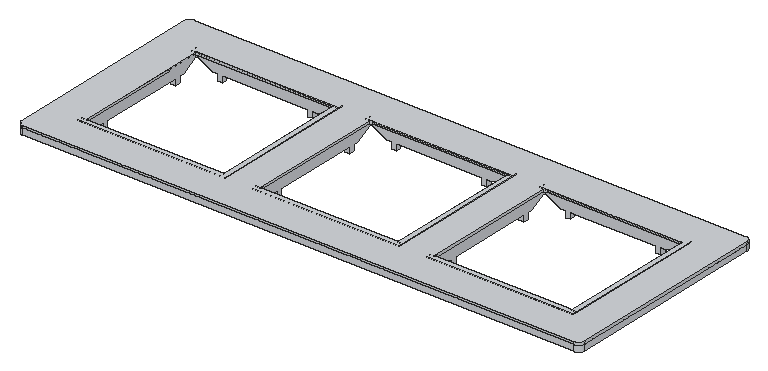
Revit family "Gira_0213225", category Electrical Fixtures, host Face, Revit 2017
Family settings
  Host = Face
  Maintain Annotation Orientation = No
  Round Connector Dimension = Use Diameter
  Part Type = Normal
  Cut with Voids When Loaded = No
  Shared = No
  Room Calculation Point = No
Parameters (values of type "Abdeckrahmen 3f flach Gira E2 Reinweiß m")
  Werkstoffgüte = "Thermoplast"
  Werkstoff = "Kunststoff"
  URL = "http://katalog.gira.de/de_DE/datenblatt.html?artikelnr=0213225"
  Transparent = "No"
  Textfeld/Beschriftungsfläche = "No"
  Schutzart (IP) = "IP20"
  Region = "DE"
  Oberfläche = "sonstige"
  Name = "Abdeckrahmen 3f flach Gira E2 Reinweiß m"
  Montagerichtung = "horizontal und vertikal"
  Mit Montagerahmen = "No"
  Mit Klappdeckel = "No"
  Manufacturer URL = "https://www.gira.de/"
  Keynote = "E2flach_Rahmen_3fach"
  HeinzeBIM = "https://bimportal.heinze.de/bim/abdeckrahmen-3f-flach-gira-e2-reinweiss-m/725ac13e74fe12f045b29850d63844006d414d69"
  Halogenfrei = "Yes"
  HAN = "0213225"
  Geeignet für Unterputz-Installation = "Yes"
  Geeignet für Unterflurkanaldose = "No"
  Geeignet für Geräteeinbaukanal = "No"
  Geeignet für Einbauinstallation = "No"
  GTIN = "4010337021384"
  Farbe = "weiß"
  Default Elevation = 1219.2 mm
  Data sheet (1) = "https://katalog.gira.de/de_DE/download.html?artikelnr=0213225"
  Category = "Abdeckrahmen"
  Befestigungsart = "Klemmbefestigung"
  Available = "Yes"
  Ausführung der Oberfläche = "matt"
  Anzahl der Einheiten vertikal = "3 "
  Anzahl der Einheiten horizontal = "3 "
  Anzahl der Einheiten = "3 "
Reference planes
  plane 1 "Center (Front/Back)": y = 0
  plane 2: z = 0
  plane 3 "Center (Left/Right)": x = 0
Forms (mm)
  Extrusion 1, solid, detail levels fine
    sketch origin (0, 0, 0) x (1, 0, 0) y (0, 1, 0)
      loop
        arc (-112.6, 43.9) -> (-114.368, 43.168) -> (-115.1, 41.4) r 2.5
        line (-115.1, 41.4) -> (-115.1, -41.4)
        arc (-115.1, -41.4) -> (-114.368, -43.168) -> (-112.6, -43.9) r 2.5
        line (-112.6, -43.9) -> (112.6, -43.9)
        arc (112.6, -43.9) -> (114.368, -43.168) -> (115.1, -41.4) r 2.5
        line (115.1, -41.4) -> (115.1, 41.4)
        arc (115.1, 41.4) -> (114.368, 43.168) -> (112.6, 43.9) r 2.5
        line (112.6, 43.9) -> (-112.6, 43.9)
      loop
        spline (-99.344, -27.245) -> (-99.336, -27.363) -> (-99.313, -27.478) -> (-99.275, -27.589) -> (-99.223, -27.695) -> (-99.158, -27.792) -> (-99.081, -27.881) -> (-98.992, -27.958) -> (-98.895, -28.023) -> (-98.789, -28.075) -> (-98.678, -28.113) -> (-98.563, -28.136) -> (-98.445, -28.144)
        line (-98.445, -28.144) -> (-43.955, -28.144)
        spline (-43.955, -28.144) -> (-43.837, -28.136) -> (-43.722, -28.113) -> (-43.611, -28.075) -> (-43.505, -28.023) -> (-43.408, -27.958) -> (-43.319, -27.881) -> (-43.242, -27.792) -> (-43.177, -27.695) -> (-43.125, -27.589) -> (-43.087, -27.478) -> (-43.064, -27.363) -> (-43.056, -27.245)
        line (-43.056, -27.245) -> (-43.056, 27.245)
        spline (-43.056, 27.245) -> (-43.064, 27.363) -> (-43.087, 27.478) -> (-43.125, 27.589) -> (-43.177, 27.695) -> (-43.242, 27.792) -> (-43.319, 27.881) -> (-43.408, 27.958) -> (-43.505, 28.023) -> (-43.611, 28.075) -> (-43.722, 28.113) -> (-43.837, 28.136) -> (-43.955, 28.144)
        line (-43.955, 28.144) -> (-98.445, 28.144)
        spline (-98.445, 28.144) -> (-98.563, 28.136) -> (-98.678, 28.113) -> (-98.789, 28.075) -> (-98.895, 28.023) -> (-98.992, 27.958) -> (-99.081, 27.881) -> (-99.158, 27.792) -> (-99.223, 27.695) -> (-99.275, 27.589) -> (-99.313, 27.478) -> (-99.336, 27.363) -> (-99.344, 27.245)
        line (-99.344, 27.245) -> (-99.344, -27.245)
      loop
        spline (98.445, -28.144) -> (98.563, -28.136) -> (98.678, -28.113) -> (98.789, -28.075) -> (98.895, -28.023) -> (98.992, -27.958) -> (99.081, -27.881) -> (99.158, -27.792) -> (99.223, -27.695) -> (99.275, -27.589) -> (99.313, -27.478) -> (99.336, -27.363) -> (99.344, -27.245)
        line (99.344, -27.245) -> (99.344, 27.245)
        spline (99.344, 27.245) -> (99.336, 27.363) -> (99.313, 27.478) -> (99.275, 27.589) -> (99.223, 27.695) -> (99.158, 27.792) -> (99.081, 27.881) -> (98.992, 27.958) -> (98.895, 28.023) -> (98.789, 28.075) -> (98.678, 28.113) -> (98.563, 28.136) -> (98.445, 28.144)
        line (98.445, 28.144) -> (43.955, 28.144)
        spline (43.955, 28.144) -> (43.837, 28.136) -> (43.722, 28.113) -> (43.611, 28.075) -> (43.505, 28.023) -> (43.408, 27.958) -> (43.319, 27.881) -> (43.242, 27.792) -> (43.177, 27.695) -> (43.125, 27.589) -> (43.087, 27.478) -> (43.064, 27.363) -> (43.056, 27.245)
        line (43.056, 27.245) -> (43.056, -27.245)
        spline (43.056, -27.245) -> (43.064, -27.363) -> (43.087, -27.478) -> (43.125, -27.589) -> (43.177, -27.695) -> (43.242, -27.792) -> (43.319, -27.881) -> (43.408, -27.958) -> (43.505, -28.023) -> (43.611, -28.075) -> (43.722, -28.113) -> (43.837, -28.136) -> (43.955, -28.144)
        line (43.955, -28.144) -> (98.445, -28.144)
      loop
        spline (-28.144, -27.245) -> (-28.136, -27.363) -> (-28.113, -27.478) -> (-28.075, -27.589) -> (-28.023, -27.695) -> (-27.958, -27.792) -> (-27.881, -27.881) -> (-27.792, -27.958) -> (-27.695, -28.023) -> (-27.589, -28.075) -> (-27.478, -28.113) -> (-27.363, -28.136) -> (-27.245, -28.144)
        line (-27.245, -28.144) -> (27.245, -28.144)
        spline (27.245, -28.144) -> (27.363, -28.136) -> (27.478, -28.113) -> (27.589, -28.075) -> (27.695, -28.023) -> (27.792, -27.958) -> (27.881, -27.881) -> (27.958, -27.792) -> (28.023, -27.695) -> (28.075, -27.589) -> (28.113, -27.478) -> (28.136, -27.363) -> (28.144, -27.245)
        line (28.144, -27.245) -> (28.144, 27.245)
        spline (28.144, 27.245) -> (28.136, 27.363) -> (28.113, 27.478) -> (28.075, 27.589) -> (28.023, 27.695) -> (27.958, 27.792) -> (27.881, 27.881) -> (27.792, 27.958) -> (27.695, 28.023) -> (27.589, 28.075) -> (27.478, 28.113) -> (27.363, 28.136) -> (27.245, 28.144)
        line (27.245, 28.144) -> (-27.245, 28.144)
        spline (-27.245, 28.144) -> (-27.363, 28.136) -> (-27.478, 28.113) -> (-27.589, 28.075) -> (-27.695, 28.023) -> (-27.792, 27.958) -> (-27.881, 27.881) -> (-27.958, 27.792) -> (-28.023, 27.695) -> (-28.075, 27.589) -> (-28.113, 27.478) -> (-28.136, 27.363) -> (-28.144, 27.245)
        line (-28.144, 27.245) -> (-28.144, -27.245)
    from 2.5 to 3.4
  Extrusion 2, solid, detail levels fine
    sketch origin (0, 0, 0) x (1, 0, 0) y (0, 1, 0)
      loop
        arc (-112.6, 43.9) -> (-114.368, 43.168) -> (-115.1, 41.4) r 2.5
        line (-115.1, 41.4) -> (-115.1, -41.4)
        arc (-115.1, -41.4) -> (-114.368, -43.168) -> (-112.6, -43.9) r 2.5
        line (-112.6, -43.9) -> (112.6, -43.9)
        arc (112.6, -43.9) -> (114.368, -43.168) -> (115.1, -41.4) r 2.5
        line (115.1, -41.4) -> (115.1, 41.4)
        arc (115.1, 41.4) -> (114.368, 43.168) -> (112.6, 43.9) r 2.5
        line (112.6, 43.9) -> (-112.6, 43.9)
      loop
        arc (-112.6, 43.4) -> (-114.014, 42.814) -> (-114.6, 41.4) r 2
        line (-114.6, 41.4) -> (-114.6, -41.4)
        arc (-114.6, -41.4) -> (-114.014, -42.814) -> (-112.6, -43.4) r 2
        line (-112.6, -43.4) -> (112.6, -43.4)
        arc (112.6, -43.4) -> (114.014, -42.814) -> (114.6, -41.4) r 2
        line (114.6, -41.4) -> (114.6, 41.4)
        arc (114.6, 41.4) -> (114.014, 42.814) -> (112.6, 43.4) r 2
        line (112.6, 43.4) -> (-112.6, 43.4)
    from 0 to 2.5
  Extrusion 3, solid, detail levels fine
    sketch origin (-71.2, 0, 0) x (1, 0, 0) y (0, 0, 1)
      loop
        line (-17.5, -4.06) -> (-17.5, -1.56) -> (17.5, -1.56) -> (17.5, -4.06) -> (19.5, -4.06) -> (19.5, -1.56) -> (21.654, -1.56) -> (27.214, 1.65) -> (30, 1.65) -> (30, 3.4) -> (-30, 3.4) -> (-30, 1.65) -> (-27.214, 1.65) -> (-21.654, -1.56) -> (-19.5, -1.56) -> (-19.5, -4.06) -> (-17.5, -4.06)
    from 28.144 to 30
  Extrusion 4, solid, detail levels fine
    sketch origin (-71.2, 0, 0) x (0, -1, 0) y (0, 0, -1)
      loop
        line (-17.5, 4.06) -> (-19.5, 4.06) -> (-19.5, 1.56) -> (-21.654, 1.56) -> (-27.214, -1.65) -> (-28.144, -1.65) -> (-28.144, -3.4) -> (28.144, -3.4) -> (28.144, -1.65) -> (27.214, -1.65) -> (21.654, 1.56) -> (19.5, 1.56) -> (19.5, 4.06) -> (17.5, 4.06) -> (17.5, 1.56) -> (-17.5, 1.56) -> (-17.5, 4.06)
    from 28.144 to 30
  Extrusion 5, solid, detail levels medium
    sketch origin (-71.2, 0, 0) x (0, -1, 0) y (0, 0, 1)
      loop
        line (-17.5, -4.06) -> (-17.5, -1.56) -> (17.5, -1.56) -> (17.5, -4.06) -> (19.5, -4.06) -> (19.5, -1.56) -> (28.144, -1.56) -> (28.144, 3.4) -> (-28.144, 3.4) -> (-28.144, -1.56) -> (-19.5, -1.56) -> (-19.5, -4.06) -> (-17.5, -4.06)
    from 28.144 to 30
  Extrusion 6, solid, detail levels fine
    sketch origin (-71.2, 0, 0) x (1, 0, 0) y (0, 0, -1)
      loop
        line (-17.5, 4.06) -> (-19.5, 4.06) -> (-19.5, 1.56) -> (-21.654, 1.56) -> (-27.214, -1.65) -> (-30, -1.65) -> (-30, -3.4) -> (30, -3.4) -> (30, -1.65) -> (27.214, -1.65) -> (21.654, 1.56) -> (19.5, 1.56) -> (19.5, 4.06) -> (17.5, 4.06) -> (17.5, 1.56) -> (-17.5, 1.56) -> (-17.5, 4.06)
    from 28.144 to 30
  Extrusion 7, solid, detail levels coarse
    sketch origin (0, 0, 0) x (1, 0, 0) y (0, 1, 0)
      loop
        line (-115.1, 43.9) -> (-115.1, -43.9) -> (115.1, -43.9) -> (115.1, 43.9) -> (-115.1, 43.9)
    from -4.06 to 3.4
  Extrusion 8, solid, detail levels medium
    sketch origin (0, 0, 0) x (1, 0, 0) y (0, 1, 0)
      loop
        line (-115.1, 43.9) -> (-115.1, -43.9) -> (115.1, -43.9) -> (115.1, 43.9) -> (-115.1, 43.9)
    from 0 to 3.4
  Extrusion 9, solid, detail levels medium
    sketch origin (-71.2, 0, 0) x (1, 0, 0) y (0, 0, 1)
      loop
        line (-17.5, -4.06) -> (-17.5, -1.56) -> (17.5, -1.56) -> (17.5, -4.06) -> (19.5, -4.06) -> (19.5, -1.56) -> (30, -1.56) -> (30, 3.4) -> (-30, 3.4) -> (-30, -1.56) -> (-19.5, -1.56) -> (-19.5, -4.06) -> (-17.5, -4.06)
    from 28.144 to 30
  Extrusion 10, solid, detail levels medium
    sketch origin (-71.2, 0, 0) x (1, 0, 0) y (0, 0, -1)
      loop
        line (-17.5, 4.06) -> (-19.5, 4.06) -> (-19.5, 1.56) -> (-30, 1.56) -> (-30, -3.4) -> (30, -3.4) -> (30, 1.56) -> (19.5, 1.56) -> (19.5, 4.06) -> (17.5, 4.06) -> (17.5, 1.56) -> (-17.5, 1.56) -> (-17.5, 4.06)
    from 28.144 to 30
  Extrusion 11, solid, detail levels medium
    sketch origin (-71.2, 0, 0) x (0, -1, 0) y (0, 0, -1)
      loop
        line (-17.5, 4.06) -> (-19.5, 4.06) -> (-19.5, 1.56) -> (-28.144, 1.56) -> (-28.144, -3.4) -> (28.144, -3.4) -> (28.144, 1.56) -> (19.5, 1.56) -> (19.5, 4.06) -> (17.5, 4.06) -> (17.5, 1.56) -> (-17.5, 1.56) -> (-17.5, 4.06)
    from 28.144 to 30
  Extrusion 12, solid, detail levels fine
    sketch origin (71.2, 0, 0) x (-1, 0, 0) y (0, 0, -1)
      loop
        line (-17.5, 4.06) -> (-19.5, 4.06) -> (-19.5, 1.56) -> (-21.654, 1.56) -> (-27.214, -1.65) -> (-30, -1.65) -> (-30, -3.4) -> (30, -3.4) -> (30, -1.65) -> (27.214, -1.65) -> (21.654, 1.56) -> (19.5, 1.56) -> (19.5, 4.06) -> (17.5, 4.06) -> (17.5, 1.56) -> (-17.5, 1.56) -> (-17.5, 4.06)
    from 28.144 to 30
  Extrusion 13, solid, detail levels fine
    sketch origin (71.2, 0, 0) x (0, -1, 0) y (0, 0, 1)
      loop
        line (-17.5, -4.06) -> (-17.5, -1.56) -> (17.5, -1.56) -> (17.5, -4.06) -> (19.5, -4.06) -> (19.5, -1.56) -> (21.654, -1.56) -> (27.214, 1.65) -> (28.144, 1.65) -> (28.144, 3.4) -> (-28.144, 3.4) -> (-28.144, 1.65) -> (-27.214, 1.65) -> (-21.654, -1.56) -> (-19.5, -1.56) -> (-19.5, -4.06) -> (-17.5, -4.06)
    from 28.144 to 30
  Extrusion 14, solid, detail levels medium
    sketch origin (71.2, 0, 0) x (0, -1, 0) y (0, 0, -1)
      loop
        line (-17.5, 4.06) -> (-19.5, 4.06) -> (-19.5, 1.56) -> (-28.144, 1.56) -> (-28.144, -3.4) -> (28.144, -3.4) -> (28.144, 1.56) -> (19.5, 1.56) -> (19.5, 4.06) -> (17.5, 4.06) -> (17.5, 1.56) -> (-17.5, 1.56) -> (-17.5, 4.06)
    from 28.144 to 30
  Extrusion 15, solid, detail levels fine
    sketch origin (71.2, 0, 0) x (-1, 0, 0) y (0, 0, 1)
      loop
        line (-17.5, -4.06) -> (-17.5, -1.56) -> (17.5, -1.56) -> (17.5, -4.06) -> (19.5, -4.06) -> (19.5, -1.56) -> (21.654, -1.56) -> (27.214, 1.65) -> (30, 1.65) -> (30, 3.4) -> (-30, 3.4) -> (-30, 1.65) -> (-27.214, 1.65) -> (-21.654, -1.56) -> (-19.5, -1.56) -> (-19.5, -4.06) -> (-17.5, -4.06)
    from 28.144 to 30
  Extrusion 16, solid, detail levels medium
    sketch origin (71.2, 0, 0) x (-1, 0, 0) y (0, 0, -1)
      loop
        line (-17.5, 4.06) -> (-19.5, 4.06) -> (-19.5, 1.56) -> (-30, 1.56) -> (-30, -3.4) -> (30, -3.4) -> (30, 1.56) -> (19.5, 1.56) -> (19.5, 4.06) -> (17.5, 4.06) -> (17.5, 1.56) -> (-17.5, 1.56) -> (-17.5, 4.06)
    from 28.144 to 30
  Extrusion 17, solid, detail levels medium
    sketch origin (71.2, 0, 0) x (-1, 0, 0) y (0, 0, 1)
      loop
        line (-17.5, -4.06) -> (-17.5, -1.56) -> (17.5, -1.56) -> (17.5, -4.06) -> (19.5, -4.06) -> (19.5, -1.56) -> (30, -1.56) -> (30, 3.4) -> (-30, 3.4) -> (-30, -1.56) -> (-19.5, -1.56) -> (-19.5, -4.06) -> (-17.5, -4.06)
    from 28.144 to 30
  Extrusion 18, solid, detail levels medium
    sketch origin (71.2, 0, 0) x (0, -1, 0) y (0, 0, 1)
      loop
        line (-17.5, -4.06) -> (-17.5, -1.56) -> (17.5, -1.56) -> (17.5, -4.06) -> (19.5, -4.06) -> (19.5, -1.56) -> (28.144, -1.56) -> (28.144, 3.4) -> (-28.144, 3.4) -> (-28.144, -1.56) -> (-19.5, -1.56) -> (-19.5, -4.06) -> (-17.5, -4.06)
    from 28.144 to 30
  Extrusion 19, solid, detail levels fine
    sketch origin (-129.344, 0, 0) x (0, -1, 0) y (0, 0, -1)
      loop
        line (-17.5, 4.06) -> (-19.5, 4.06) -> (-19.5, 1.56) -> (-21.654, 1.56) -> (-27.214, -1.65) -> (-28.144, -1.65) -> (-28.144, -3.4) -> (28.144, -3.4) -> (28.144, -1.65) -> (27.214, -1.65) -> (21.654, 1.56) -> (19.5, 1.56) -> (19.5, 4.06) -> (17.5, 4.06) -> (17.5, 1.56) -> (-17.5, 1.56) -> (-17.5, 4.06)
    from 28.144 to 30
  Extrusion 20, solid, detail levels fine
    sketch origin (129.344, 0, 0) x (0, -1, 0) y (0, 0, 1)
      loop
        line (-17.5, -4.06) -> (-17.5, -1.56) -> (17.5, -1.56) -> (17.5, -4.06) -> (19.5, -4.06) -> (19.5, -1.56) -> (21.654, -1.56) -> (27.214, 1.65) -> (28.144, 1.65) -> (28.144, 3.4) -> (-28.144, 3.4) -> (-28.144, 1.65) -> (-27.214, 1.65) -> (-21.654, -1.56) -> (-19.5, -1.56) -> (-19.5, -4.06) -> (-17.5, -4.06)
    from 28.144 to 30
  Extrusion 21, solid, detail levels fine
    sketch origin (0, 0, 0) x (-1, 0, 0) y (0, 0, -1)
      loop
        line (-17.5, 4.06) -> (-19.5, 4.06) -> (-19.5, 1.56) -> (-21.654, 1.56) -> (-27.214, -1.65) -> (-30, -1.65) -> (-30, -3.4) -> (30, -3.4) -> (30, -1.65) -> (27.214, -1.65) -> (21.654, 1.56) -> (19.5, 1.56) -> (19.5, 4.06) -> (17.5, 4.06) -> (17.5, 1.56) -> (-17.5, 1.56) -> (-17.5, 4.06)
    from 28.144 to 30
  Extrusion 22, solid, detail levels fine
    sketch origin (0, 0, 0) x (0, -1, 0) y (0, 0, 1)
      loop
        line (-17.5, -4.06) -> (-17.5, -1.56) -> (17.5, -1.56) -> (17.5, -4.06) -> (19.5, -4.06) -> (19.5, -1.56) -> (21.654, -1.56) -> (27.214, 1.65) -> (28.144, 1.65) -> (28.144, 3.4) -> (-28.144, 3.4) -> (-28.144, 1.65) -> (-27.214, 1.65) -> (-21.654, -1.56) -> (-19.5, -1.56) -> (-19.5, -4.06) -> (-17.5, -4.06)
    from 28.144 to 30
  Extrusion 23, solid, detail levels medium
    sketch origin (0, 0, 0) x (0, -1, 0) y (0, 0, -1)
      loop
        line (-17.5, 4.06) -> (-19.5, 4.06) -> (-19.5, 1.56) -> (-28.144, 1.56) -> (-28.144, -3.4) -> (28.144, -3.4) -> (28.144, 1.56) -> (19.5, 1.56) -> (19.5, 4.06) -> (17.5, 4.06) -> (17.5, 1.56) -> (-17.5, 1.56) -> (-17.5, 4.06)
    from 28.144 to 30
  Extrusion 24, solid, detail levels fine
    sketch origin (0, 0, 0) x (-1, 0, 0) y (0, 0, 1)
      loop
        line (-17.5, -4.06) -> (-17.5, -1.56) -> (17.5, -1.56) -> (17.5, -4.06) -> (19.5, -4.06) -> (19.5, -1.56) -> (21.654, -1.56) -> (27.214, 1.65) -> (30, 1.65) -> (30, 3.4) -> (-30, 3.4) -> (-30, 1.65) -> (-27.214, 1.65) -> (-21.654, -1.56) -> (-19.5, -1.56) -> (-19.5, -4.06) -> (-17.5, -4.06)
    from 28.144 to 30
  Extrusion 25, solid, detail levels medium
    sketch origin (0, 0, 0) x (-1, 0, 0) y (0, 0, -1)
      loop
        line (-17.5, 4.06) -> (-19.5, 4.06) -> (-19.5, 1.56) -> (-30, 1.56) -> (-30, -3.4) -> (30, -3.4) -> (30, 1.56) -> (19.5, 1.56) -> (19.5, 4.06) -> (17.5, 4.06) -> (17.5, 1.56) -> (-17.5, 1.56) -> (-17.5, 4.06)
    from 28.144 to 30
  Extrusion 26, solid, detail levels medium
    sketch origin (0, 0, 0) x (-1, 0, 0) y (0, 0, 1)
      loop
        line (-17.5, -4.06) -> (-17.5, -1.56) -> (17.5, -1.56) -> (17.5, -4.06) -> (19.5, -4.06) -> (19.5, -1.56) -> (30, -1.56) -> (30, 3.4) -> (-30, 3.4) -> (-30, -1.56) -> (-19.5, -1.56) -> (-19.5, -4.06) -> (-17.5, -4.06)
    from 28.144 to 30
  Extrusion 27, solid, detail levels medium
    sketch origin (0, 0, 0) x (0, -1, 0) y (0, 0, 1)
      loop
        line (-17.5, -4.06) -> (-17.5, -1.56) -> (17.5, -1.56) -> (17.5, -4.06) -> (19.5, -4.06) -> (19.5, -1.56) -> (28.144, -1.56) -> (28.144, 3.4) -> (-28.144, 3.4) -> (-28.144, -1.56) -> (-19.5, -1.56) -> (-19.5, -4.06) -> (-17.5, -4.06)
    from 28.144 to 30
  Extrusion 28, solid, detail levels fine
    sketch origin (58.144, 0, 0) x (0, -1, 0) y (0, 0, 1)
      loop
        line (-17.5, -4.06) -> (-17.5, -1.56) -> (17.5, -1.56) -> (17.5, -4.06) -> (19.5, -4.06) -> (19.5, -1.56) -> (21.654, -1.56) -> (27.214, 1.65) -> (28.144, 1.65) -> (28.144, 3.4) -> (-28.144, 3.4) -> (-28.144, 1.65) -> (-27.214, 1.65) -> (-21.654, -1.56) -> (-19.5, -1.56) -> (-19.5, -4.06) -> (-17.5, -4.06)
    from 28.144 to 30
Dimensions and locks
  aligned and locked: plane 2 to host face
  aligned and locked: level to host face
